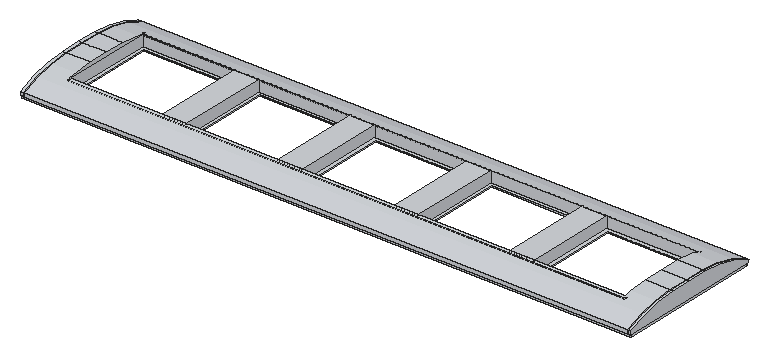
Revit family "Gira_0215395", category Electrical Fixtures, host Face, Revit 2017
Family settings
  Host = Face
  Maintain Annotation Orientation = No
  Round Connector Dimension = Use Diameter
  Part Type = Normal
  Cut with Voids When Loaded = No
  Shared = No
  Room Calculation Point = No
Parameters (values of type "Abdeckrahmen 5f Zwischenr. RW Gira Event Opak Mint")
  Werkstoffgüte = "Thermoplast"
  Werkstoff = "Kunststoff"
  URL = "http://katalog.gira.de/de_DE/datenblatt.html?artikelnr=0215395"
  Transparent = "No"
  Textfeld/Beschriftungsfläche = "No"
  Schutzart (IP) = "IP20"
  Region = "DE"
  Oberfläche = "sonstige"
  Name = "Abdeckrahmen 5f Zwischenr. RW Gira Event Opak Mint"
  Montagerichtung = "horizontal und vertikal"
  Mit Montagerahmen = "No"
  Mit Klappdeckel = "No"
  Manufacturer URL = "https://www.gira.de/"
  Keynote = "Event_Rahmen_5fach"
  HeinzeBIM = "https://bimportal.heinze.de/bim/abdeckrahmen-5f-zwischenr-rw-gira-event-opak-mint/427783f6cae8c88e810a1c185c38c22668755d6f"
  Halogenfrei = "Yes"
  HAN = "0215395"
  Geeignet für Unterputz-Installation = "Yes"
  Geeignet für Unterflurkanaldose = "No"
  Geeignet für Geräteeinbaukanal = "No"
  Geeignet für Einbauinstallation = "No"
  GTIN = "4010337074489"
  Farbe = "sonstige"
  Default Elevation = 1219.2 mm
  Data sheet (1) = "https://katalog.gira.de/de_DE/download.html?artikelnr=0215395"
  Category = "Abdeckrahmen"
  Befestigungsart = "Klemmbefestigung"
  Available = "Yes"
  Anzahl der Einheiten vertikal = "5 "
  Anzahl der Einheiten horizontal = "5 "
  Anzahl der Einheiten = "5 "
Reference planes
  plane 1 "Center (Front/Back)": y = 0
  plane 2: z = 0
  plane 3 "Center (Left/Right)": x = 0
Forms (mm)
  Extrusion 1, solid, detail levels fine
    sketch origin (0, 0, 0.05) x (0, 1, 0) y (0, 0, 1)
      loop
        arc (12.445, 9.683) -> (6.223, 9.833) -> (0, 9.85) r 291.636
        arc (0, 9.85) -> (-6.223, 9.833) -> (-12.445, 9.683) r 291.636
        arc (-12.445, 9.683) -> (-29.14, 7.482) -> (-45, 1.823) r 79.728
        line (-45, 1.823) -> (-45, -0.05) -> (-42.086, -0.05)
        arc (-42.086, -0.05) -> (-21.385, 5.559) -> (0, 7.206) r 114.424
        arc (0, 7.206) -> (21.385, 5.559) -> (42.086, -0.05) r 114.424
        line (42.086, -0.05) -> (45, -0.05) -> (45, 1.823)
        arc (45, 1.823) -> (29.14, 7.482) -> (12.445, 9.683) r 79.728
    from -185.578 to 185.593
  Extrusion 2, void, detail levels fine
    sketch origin (0, 0, 0) x (1, 0, 0) y (0, 1, 0)
      loop
        line (170.607, 28) -> (-170.593, 28) -> (-170.593, -28) -> (170.607, -28) -> (170.607, 28)
    from 0.724 to 11
  Extrusion 3, solid, detail levels coarse
    sketch origin (0, 0, 0) x (1, 0, 0) y (0, 1, 0)
      loop
        line (-187.578, 45) -> (-187.578, -45) -> (187.593, -45) -> (187.593, 45) -> (-187.578, 45)
    from -1.5 to 9.9
  Extrusion 4, solid, detail levels medium
    sketch origin (0, 0, 0.05) x (0, 1, 0) y (0, 0, 1)
      loop
        arc (12.445, 9.683) -> (6.223, 9.833) -> (0, 9.85) r 291.636
        arc (0, 9.85) -> (-6.223, 9.833) -> (-12.445, 9.683) r 291.636
        arc (-12.445, 9.683) -> (-29.14, 7.482) -> (-45, 1.823) r 79.728
        line (-45, 1.823) -> (-45, -0.05) -> (45, -0.05) -> (45, 1.823)
        arc (45, 1.823) -> (29.14, 7.482) -> (12.445, 9.683) r 79.728
    from -187.578 to 187.593
  Extrusion 5, solid, detail levels fine
    sketch origin (-142.578, 0, -1.5) x (0, 1, 0) y (0, 0, -1)
      loop
        line (45, -3.373) -> (45, -1.5) -> (-45, -1.5) -> (-45, -3.373)
        arc (-45, -3.373) -> (-29.14, -9.032) -> (-12.445, -11.233) r 79.728
        arc (-12.445, -11.233) -> (-6.223, -11.383) -> (0, -11.4) r 291.636
        arc (0, -11.4) -> (6.223, -11.383) -> (12.445, -11.233) r 291.636
        arc (12.445, -11.233) -> (29.14, -9.032) -> (45, -3.373) r 79.728
    from 43 to 45
  Extrusion 6, solid, detail levels fine
    sketch origin (0, 0, 0) x (1, 0, 0) y (0, 1, 0)
      loop
        line (-168.493, 25.7) -> (-168.493, -25.7) -> (-116.693, -25.7) -> (-116.693, 25.7) -> (-168.493, 25.7)
      loop
        line (-45.398, -25.7) -> (-45.398, 25.7) -> (-97.198, 25.7) -> (-97.198, -25.7) -> (-45.398, -25.7)
      loop
        line (-171.487, 28.49) -> (-171.487, -28.495)
        spline (-171.487, -28.495) -> (-171.479, -28.625) -> (-171.453, -28.754) -> (-171.411, -28.878) -> (-171.353, -28.995) -> (-171.281, -29.104) -> (-171.194, -29.202) -> (-171.096, -29.288) -> (-170.987, -29.361) -> (-170.87, -29.419) -> (-170.746, -29.461) -> (-170.618, -29.486) -> (-170.487, -29.495)
        line (-170.487, -29.495) -> (170.502, -29.495)
        spline (170.502, -29.495) -> (170.633, -29.486) -> (170.761, -29.461) -> (170.885, -29.419) -> (171.002, -29.361) -> (171.111, -29.288) -> (171.209, -29.202) -> (171.296, -29.104) -> (171.368, -28.995) -> (171.426, -28.878) -> (171.468, -28.754) -> (171.494, -28.625) -> (171.502, -28.495)
        line (171.502, -28.495) -> (171.502, 28.49)
        spline (171.502, 28.49) -> (171.494, 28.62) -> (171.468, 28.748) -> (171.426, 28.872) -> (171.368, 28.99) -> (171.296, 29.098) -> (171.209, 29.197) -> (171.111, 29.283) -> (171.002, 29.356) -> (170.885, 29.413) -> (170.761, 29.456) -> (170.633, 29.481) -> (170.502, 29.49)
        line (170.502, 29.49) -> (-170.487, 29.49)
        spline (-170.487, 29.49) -> (-170.618, 29.481) -> (-170.746, 29.456) -> (-170.87, 29.413) -> (-170.987, 29.356) -> (-171.096, 29.283) -> (-171.194, 29.197) -> (-171.281, 29.098) -> (-171.353, 28.99) -> (-171.411, 28.872) -> (-171.453, 28.748) -> (-171.479, 28.62) -> (-171.487, 28.49)
      loop
        line (25.902, -25.7) -> (25.902, 25.7) -> (-25.898, 25.7) -> (-25.898, -25.7) -> (25.902, -25.7)
      loop
        line (97.207, -25.7) -> (97.207, 25.7) -> (45.407, 25.7) -> (45.407, -25.7) -> (97.207, -25.7)
      loop
        line (168.507, -25.7) -> (168.507, 25.7) -> (116.707, 25.7) -> (116.707, -25.7) -> (168.507, -25.7)
    from 0.1 to 7.3
  Extrusion 7, solid
    sketch origin (0, 0, 0) x (1, 0, 0) y (0, 1, 0)
      loop
        arc (-187.293, -44.218) -> (-187.146, -44.572) -> (-186.793, -44.718) r 0.5
        line (-186.793, -44.718) -> (186.807, -44.718)
        arc (186.807, -44.718) -> (187.161, -44.572) -> (187.307, -44.218) r 0.5
        line (187.307, -44.218) -> (187.307, 44.182)
        arc (187.307, 44.182) -> (187.161, 44.535) -> (186.807, 44.682) r 0.5
        line (186.807, 44.682) -> (-186.793, 44.682)
        arc (-186.793, 44.682) -> (-187.146, 44.535) -> (-187.293, 44.182) r 0.5
        line (-187.293, 44.182) -> (-187.293, -44.218)
      loop
        line (-185.593, 42.982) -> (-185.593, -43.018) -> (185.607, -43.018) -> (185.607, 42.982) -> (-185.593, 42.982)
    from -1.5 to 0.5
  Extrusion 8, solid, detail levels fine
    sketch origin (142.593, 0, -1.5) x (0, 1, 0) y (0, 0, 1)
      loop
        arc (45, 3.373) -> (29.14, 9.032) -> (12.445, 11.233) r 79.728
        arc (12.445, 11.233) -> (6.223, 11.383) -> (0, 11.4) r 291.636
        arc (0, 11.4) -> (-6.223, 11.383) -> (-12.445, 11.233) r 291.636
        arc (-12.445, 11.233) -> (-29.14, 9.032) -> (-45, 3.373) r 79.728
        line (-45, 3.373) -> (-45, 1.5) -> (45, 1.5) -> (45, 3.373)
    from 43 to 45
  Extrusion 9, solid, detail levels medium
    sketch origin (0, 0, 0) x (1, 0, 0) y (0, 1, 0)
      loop
        line (-187.293, -44.718) -> (187.307, -44.718) -> (187.307, 44.682) -> (-187.293, 44.682) -> (-187.293, -44.718)
    from -1.5 to 0.5
  Extrusion 10, solid, detail levels fine
    sketch origin (-105.5, 0, 0) x (1, 0, 0) y (0, 1, 0)
      loop
        line (-8.943, 28.063) -> (-8.943, -27.937) -> (6.057, -27.937) -> (6.057, 28.063) -> (-8.943, 28.063)
    from 0.724 to 7.566
  Extrusion 11, solid, detail levels fine
    sketch origin (-37.085, 0, 0) x (-1, 0, 0) y (0, -1, 0)
      loop
        line (-8.943, -28.063) -> (6.057, -28.063) -> (6.057, 27.937) -> (-8.943, 27.937) -> (-8.943, -28.063)
    from 0.724 to 7.566
  Extrusion 12, solid, detail levels fine
    sketch origin (105.5, 0, 0) x (-1, 0, 0) y (0, -1, 0)
      loop
        line (-8.943, -28.063) -> (6.057, -28.063) -> (6.057, 27.937) -> (-8.943, 27.937) -> (-8.943, -28.063)
    from 0.724 to 7.566
  Extrusion 13, solid, detail levels fine
    sketch origin (37.085, 0, 0) x (1, 0, 0) y (0, 1, 0)
      loop
        line (-8.943, 28.063) -> (-8.943, -27.937) -> (6.057, -27.937) -> (6.057, 28.063) -> (-8.943, 28.063)
    from 0.724 to 7.566
Cuts and joins
  Extrusion 2 cuts Extrusion 1
  Extrusion 2 cuts Extrusion 6
Dimensions and locks
  aligned and locked: plane 2 to host face
  aligned and locked: level to host face
